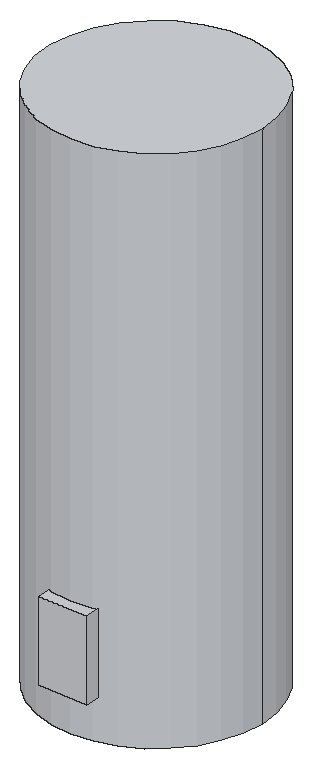
Revit family "Water Heater (NZ)", category 위생기구, Revit 2026
Family settings
  원형 커넥터 치수 = 지름 사용
  부품 유형 = 보통
  작업 기준면 기반 = 아니오
  뷰에서 절단 사용 = 아니오
  항상 수직 = 예
  로드될 때 보이드를 사용하여 절단 = 아니오
  주석 방향 유지 = 아니오
  공유 = 아니오
  룸 계산 점 = 아니오
Parameters
  기본 높이 = 0.00 mm
  Label = "HWC"
  Diameter = 610.00 mm
  Height = 1525.00 mm
Reference planes
  plane 1: y = 0
  plane 2: z = 0
  plane 3: x = 0
Forms (mm)
  Extrusion 1, solid
    sketch origin (0, 0, 0) x (1, 0, 0) y (0, 1, 0)
      loop
        circle (0, 0) r 305
    from 0 to 1525
  Extrusion 2, solid
    sketch origin (0, 0, 0) x (1, 0, 0) y (0, 1, 0)
      loop
        line (-69.718, -274.403) -> (-69.718, -334.403) -> (70.282, -334.403) -> (70.282, -274.403) -> (-69.718, -274.403)
    from 113.258 to 341.258
Lines and regions (mm)
  Masking region 1
    outline origin (0, 0, 0) x (1, 0, 0) y (0, 1, 0)
      loop
        circle (0, 0.129) r 304.95
  symbolic lines, detail levels medium+fine
    curve 1: line (-69.718, -296.745, 0) -> (-69.718, -334.403, 0)
    curve 2: line (-69.718, -334.403, 0) -> (70.282, -334.403, 0)
    curve 3: line (70.282, -334.403, 0) -> (70.282, -296.611, 0)
Dimensions and locks
  "Height": Extrusion 1 to plane 2
  "Diameter": Extrusion 1 sketch curve to Extrusion 1 sketch curve
  aligned and locked: plane 3 to nested 1
  aligned: curve 3 to Extrusion 2
Automatic sketch dimensions
  Extrusion 1 sketch curve to plane 1 = 0.00 mm
  Extrusion 1 sketch curve to plane 3 = 0.00 mm
  Masking region 1 sketch curve to plane 3 = 0.00 mm
  Masking region 1 sketch curve to plane 1 = 0.129 mm
  Extrusion 2 sketch curve to plane 3 = 69.718 mm
  plane 3 to Extrusion 2 sketch curve = 70.282 mm
  plane 1 to Extrusion 2 sketch curve = 334.403 mm
  Extrusion 2 sketch curve to Extrusion 2 sketch curve = 60.00 mm
  curve 1 to plane 3 = 69.718 mm
  plane 3 to curve 3 = 70.282 mm
  plane 1 to curve 1 = 334.403 mm
  curve 1 to curve 1 = 37.659 mm
  curve 2 to curve 3 = 37.792 mm
  radius of Masking region 1 sketch curve = 304.95 mm
Nested families
  nested 1: "Label Annotation (M)" at (0, -7.5, 0), type "Label Annotation"
Definition of nested family "Label Annotation (M)"
  Parameters
    Label = ""
  Reference planes
    plane 1: y = 0
    plane 2: x = 0
  Text (mm)
    label "Label" at (0.007, 0.129, 0), shows "Label"
